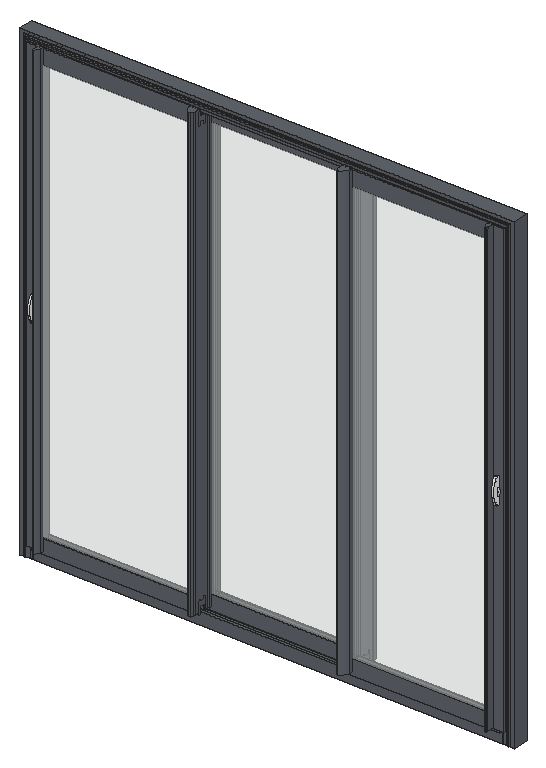
Revit family "Wicslide_65_Glass24_3_leaf_2_track_independent", category Doors, host Wall, Revit 2014
Parameters
  Youtube clip = ""
  Weight Net (Kg) = 0
  Watertightness = "E900"
  Uniclass2 = "Ss-25-30-95-28"
  Uniclass 2015 Name = ""
  Uniclass 2015 Code = ""
  Uniclass 2.0 Description = ""
  Uniclass 2.0 Code = ""
  Uniclass 1.4 Description = ""
  Uniclass 1.4 Code = ""
  URL = "http://www.wicona.com"
  UNSPSC Code = ""
  Technical description = ""
  Sash meeting 3041242 = yes
  Sash meeting 3041241 = no
  Sash meeting 3041240 = not(or(Sash meeting 3041241, Sash meeting 3041242))  # no
  Sash 1041263 = yes
  Thermal (2-leaf frame) = "Uw < 1.5 W/m².K (with Ug = 1.0)"
  Sash 1041262 = no
  Sash 1041261 = no
  Sash 1041260 = not(or(Sash 1041261, Sash 1041262, Sash 1041263))  # no
  Repeated Opening/Closing = "Class 3 (20,000 Cycles)"
  Region South America = "None"
  Region Oceania = "None"
  Region North America = "None"
  Region Middle East = "None"
  Region Europe = "AD, AL, AT, AX, BA, BE, BG, BY, CH, CS, CY, CZ, DE, DK, EE, ES, FI, FO, FR, GB, GG, GI, GR, HR, HU, IE, IM, IS, IT, JE, LI, LT, LU, LV, MC, MD, ME, MK, MT, NL, NO, PL, PT, RO, RS, RU, SE, SI, SJ, SK, SM, UA, VA, XK"
  Region Asia = "None"
  Region Antarctica = "None"
  Region Africa = "None"
  Quality Assurance = "Certified according to ISO 9001:2008"
  QR code = "http://bimobject.com/wicona/product/WICSLIDE_65_W"
  Product group = ""
  Product family = ""
  Product data url = "http://bimobject.com/wicona/product/WICSLIDE_65_W"
  Product certification = ""
  Product SKU = "WICSLIDE_65_W"
  Product Guid = "74bd8be9-202c-4542-9c4e-775a99e34c85"
  Operation = "IFC_DOORSLIDING"
  Operating Forces = "Class 1"
  OmniClass Description = ""
  OmniClass Code = ""
  Nominal width = 220000
  Nominal height = 210000
  NBS Reference Description = ""
  NBS Reference Code = ""
  Model = "Wicslide 65"
  Mechanical Strength = "Class 4"
  Maximum Sash Weight = "160kg as standard design, heavier weights can easily be customised"
  Material secondary = ""
  Material main = ""
  Manufacturer name = "Wicona"
  Manufacturer country = "Germany"
  Manufacturer = "Wicona"
  Load Bearing Capacity of Safety Devices = "Fulfilled"
  Leaf Width = (Width - Leaf 3 Width) / 2 - (Frame Width 2 / 2)  # 736.617 mm
  Leaf Material = WICONA - Aluminium - RAL7016 - Anthracite Grey - Matt
  Leaf Height All = Height - Frame Width 2 - Bottom Offset  # 2000 mm
  Leaf Connect = 6.2 mm  # constant formula
  Leaf 3 Width = (Width - Frame Width 2 * 2) / 3 - 22.4 mm  # 679.267 mm
  Leaf 2 Width = Width - Leaf 3 Width - Leaf Width - (Frame Width 2 * 2)  # 689.117 mm
  Keynote = "L10/330"
  Installation instructions = ""
  IFC Classification = ""
  Handle Material = Aluminium
  Glass Material = WICONA -  Glass
  Function = Interior
  Frame Width 3 = Frame Width - 24.5 mm  # 42.5 mm
  Frame Width 2 = if(Frame 1041226, 47.5 mm, 54.5 mm)  # 47.5 mm
  Frame Width = 67 mm
  Height = 2100 mm
  Wall Closure = By host
  Width = 2200 mm
  Frame Material = WICONA - Aluminium - RAL7016 - Anthracite Grey - Matt
  Frame Depth = 65 mm
  Frame 1041226 = yes
  Frame 1041231 = not(or(Frame 1041226))  # no
  Edition number = 1
  EN1627 Burglar Resistance = "RC1N, RC2N, RC2, RC3, SBD"
  EAN code = ""
  Door Offset = 60 mm
  Door 3 connect = Leaf Width + 57 mm  # 793.617 mm
  Design country = "Germany"
  Description = "With  its  various  designs  of  outer  and  opening  frames, multiple  leaf  combinations  (from  2  to  6  leaves)  and  its  comprehensive range of dual colour solutions, the Wicslide 65 brings greater freedom to building design. Designed  to  meet  market  demands,  Wicslide  65  sliding doors are perfectly suited for disabled access."
  Date of publishing = "3/14/2015"
  Corrosion Resistance of the Fittings = "Class 5"
  COBIe Type Category = ""
  Bottom Offset = if(Frame Bottom 1041226, 52.5 mm, 45.5 mm)  # 52.5 mm
  Frame Bottom 1041232 = no
  Frame Bottom 1041226 = yes
  Frame Bottom 1041231 = not(or(Frame Bottom 1041232, Frame Bottom 1041226))  # no
  BIMobject category = ""
  Analytic Construction = "<None>"
  Air Permeability = "Class 4"
  Acoustic = "RA,tr = 35 dB"
Reference planes
  plane 1: y = 0
  plane 2 "Center (Left/Right)": x = 0
  plane 3 "Left": x = -1100
  plane 4 "Right": x = 1100
  plane 5: z = 2100
  plane 6 "Exterior": y = 75
  plane 7 "Interior": y = -75
  plane 8 "base line": y = 15
  plane 9: y = -50
  plane 10: x = -1052.5
  plane 11: z = 2052.5
  plane 12: x = 1052.5
  plane 13: x = -306.383
  plane 14: y = 1081.9
  plane 15: x = -1047.5
  plane 16: x = 1047.5
  plane 17: y = -44
  plane 18: y = 9
  plane 19: z = 2051.035
  plane 20: x = 363.383
Forms (mm)
  Sweep 1, solid, material "WICONA - Aluminium - RAL7016 - Anthracite Grey - Matt" <- "Frame Material", visible <- "Frame 1041231"
    path origin (0, 15, 0) x (-1, 0, 0) y (0, 0, 1)
      loop
        line (1100, 0) -> (1100, 2100) -> (-1100, 2100) -> (-1100, 0)
    profile "Frame_1041231_profil : Frame_1041231_profil" origin (-1100, 15, 1050) x (1, 0, 0) y (0, 1, 0)
      loop
        line (0, 0.014) -> (0, -64.986) -> (47.501, -64.986) -> (47.501, -52.986) -> (28.03, -52.986) -> (28.03, -11.986) -> (47.501, -11.986) -> (47.501, 0.014) -> (0, 0.014)
  Sweep 2, solid, material "WICONA - Aluminium - RAL7016 - Anthracite Grey - Matt" <- "Frame Material", visible <- "Frame Bottom 1041231"
    path origin (0, 15, 0) x (-1, 0, 0) y (0, 0, 1)
      loop
        line (1047.5, 0) -> (-1047.5, 0)
    profile origin (0, 15, 0) x (0, 0, -1) y (0, 1, 0)
      loop
        line (0, 0) -> (-47.501, 0) -> (-47.501, -11.986) -> (-28.03, -11.986) -> (-28.03, -52.986) -> (-47.501, -52.986) -> (-47.501, -65) -> (0, -65) -> (0, 0)
  Sweep 3, solid, material "WICONA - Aluminium - RAL7016 - Anthracite Grey - Matt" <- "Frame Material", visible <- "Frame Bottom 1041226"
    path origin (0, 15, 0) x (-1, 0, 0) y (0, 0, 1)
      loop
        line (1047.5, 0) -> (-1047.5, 0)
    profile origin (0, 15, 0) x (0, 0, -1) y (0, 1, 0)
      loop
        line (-41.095, 0) -> (-54.504, 0) -> (-54.504, -11.986) -> (-35.067, -11.986) -> (-35.067, -52.986) -> (-54.504, -52.986) -> (-54.504, -65) -> (0, -65) -> (0, 0) -> (-16, 0) -> (-16, -5.069) -> (-17.931, -7) -> (-22.706, -7) -> (-22.706, 2) -> (-28.468, 2) -> (-41.095, 0)
  Sweep 4, solid, material "WICONA - Aluminium - RAL7016 - Anthracite Grey - Matt" <- "Frame Material", visible <- "Frame Bottom 1041232"
    path origin (0, 15, 0) x (-1, 0, 0) y (0, 0, 1)
      loop
        line (1047.5, 0) -> (-1047.5, 0)
    profile origin (0, 15, 0) x (0, 0, -1) y (0, 1, 0)
      loop
        line (0, 0) -> (-47.552, 0) -> (-47.552, -12) -> (-28.081, -12) -> (-28.081, -52.986) -> (-47.552, -52.986) -> (-47.552, -65.018) -> (-18.5, -65.018) -> (-18.5, -78.723)
        arc (-18.5, -78.723) -> (-25.362, -83.224) -> (-33.01, -86.2) r 39.233
        line (-33.01, -86.2) -> (-46.2, -86.2) -> (-46.2, -85) -> (-47.5, -85) -> (-47.5, -88) -> (-32.284, -88)
        arc (-32.284, -88) -> (-23.829, -84.402) -> (-16.3, -79.134) r 44.207
        line (-16.3, -79.134) -> (-16.3, -65) -> (0, -65) -> (0, 0)
  Sweep 5, solid, material "WICONA - Aluminium - RAL7016 - Anthracite Grey - Matt" <- "Frame Material", visible <- "Frame 1041226"
    path origin (0, 15, 0) x (-1, 0, 0) y (0, 0, 1)
      loop
        line (1100, 0) -> (1100, 2100) -> (-1100, 2100) -> (-1100, 0)
    profile origin (-1100, 15, 1050) x (1, 0, 0) y (0, 1, 0)
      loop
        line (54.5, -65) -> (54.5, -53) -> (35.067, -53) -> (35.067, -12) -> (54.5, -12) -> (54.5, 0) -> (0, 0) -> (0, -65) -> (16, -65) -> (16, -59.931) -> (17.931, -58) -> (22.706, -58) -> (22.706, -67) -> (28.468, -67) -> (41.095, -65) -> (54.5, -65)
Lines and regions (mm)
  Opening 1
    outline origin (-3050, -75, 0) x (1, 0, 0) y (0, 0, 1)
      loop
        line (1950, 0) -> (4150, 0) -> (4150, 2100) -> (1950, 2100) -> (1950, 0)
  model lines
    curve 1: line (0, -47.728, -46.926) -> (0, -47.728, -43.389)
  symbolic lines, style "Elevation Swing"
    curve 2: line (547.988, -75, 1198.851) -> (827.988, -75, 1198.851)
    curve 3: line (547.988, -75, 1198.851) -> (608.093, -75, 1258.955)
    curve 4: line (547.988, -75, 1198.851) -> (608.093, -75, 1138.747)
    curve 14: line (-547.988, -75, 1198.851) -> (-827.988, -75, 1198.851)
    curve 15: line (-547.988, -75, 1198.851) -> (-608.093, -75, 1258.955)
    curve 16: line (-547.988, -75, 1198.851) -> (-608.093, -75, 1138.747)
  symbolic lines, style "Plan Swing", detail levels coarse
    curve 5: line (-1052.5, -75, 0) -> (-1100, -75, 0)
    curve 6: line (1052.5, 75, 0) -> (1052.5, -75, 0)
    curve 7: line (-1052.5, 75, 0) -> (-1052.5, -75, 0)
    curve 8: line (-1052.5, 75, 0) -> (-1100, 75, 0)
    curve 9: line (1100, 75, 0) -> (1052.5, 75, 0)
    curve 10: line (1100, -75, 0) -> (1052.5, -75, 0)
  symbolic lines, style "Elevation Swing", not visible
    curve 11: line (213.788, -75, 1198.851) -> (493.788, -75, 1198.851)
    curve 12: line (213.788, -75, 1198.851) -> (273.892, -75, 1258.955)
    curve 13: line (213.788, -75, 1198.851) -> (273.892, -75, 1138.747)
Text (mm)
  text "Exterior" at (-2295.016, 1099.543, 0), in view "Ref. Level"
  text "Exterior" at (0, 1615.38, 3698.081), in view "Left"
  text "Exterior" at (0, 1036.032, 3874.932), in view "Right"
Dimensions and locks
  equal spacing: plane 3 "Left", plane 2 "Center (Left/Right)", plane 4 "Right"
  "Width": plane 3 "Left" to plane 4 "Right"
  "Height": plane 5 to host wall
  host wall to plane 5 = 2100 mm  (x2)
  locked: plane 6 "Exterior" to host wall at 0
  locked: plane 7 "Interior" to host wall
  "Door Offset": host wall to plane 8 "base line"
  "Frame Depth": plane 8 "base line" to plane 9
  "Frame Width 2": plane 3 "Left" to plane 10
  "Frame Width 2": plane 11 to plane 5
  "Frame Width 2": plane 12 to plane 4 "Right"
  "Bottom Offset": plane 3 "Left" to plane 15
  "Bottom Offset": plane 16 to plane 4 "Right"
  locked: plane 8 "base line" to plane 18 at 6
  locked: plane 9 to plane 17 at 6
  locked: plane 11 to plane 19 at 1.465
  "Door 3 connect": plane 3 "Left" to plane 13
  "Leaf 2 Width": plane 20 to plane 12
  aligned and locked: plane 3 "Left" to Opening 1 sketch curve
  aligned and locked: plane 5 to Opening 1 sketch curve  (x2)
  aligned and locked: Opening 1 sketch curve to plane 4 "Right"
  aligned and locked: Opening 1 sketch curve to level
  aligned and locked: plane 1 to host wall
  aligned and locked: Sweep 1 sketch curve to plane 3 "Left"
  aligned and locked: plane 5 to Sweep 1 sketch curve
  aligned and locked: plane 4 "Right" to Sweep 1 sketch curve
  aligned and locked: nested 1 to plane 8 "base line"
  aligned and locked: nested 1 to plane 3 "Left"
  aligned and locked: nested 2 to plane 4 "Right"
  aligned and locked: plane 8 "base line" to nested 2
  aligned and locked: plane 9 to nested 3
  aligned and locked: level to nested 3
  aligned and locked: nested 4 to level
  aligned and locked: nested 4 to plane 9
  aligned and locked: level to nested 5
  aligned and locked: plane 9 to nested 5
  aligned and locked: plane 16 to Sweep 3 sketch curve
  aligned and locked: plane 15 to Sweep 3 sketch curve
  aligned and locked: plane 15 to Sweep 4 sketch curve
  aligned and locked: plane 16 to Sweep 4 sketch curve
  aligned and locked: plane 15 to Sweep 2 sketch curve
  aligned and locked: plane 16 to Sweep 2 sketch curve
  aligned and locked: plane 5 to nested 6
  aligned and locked: nested 7 to plane 4 "Right"
  aligned and locked: plane 8 "base line" to nested 7
  aligned and locked: nested 8 to plane 8 "base line"
  aligned and locked: nested 8 to plane 3 "Left"
  aligned and locked: plane 5 to nested 9
  aligned and locked: plane 9 to nested 9
  aligned and locked: plane 19 to nested 10
  aligned and locked: plane 7 "Interior" to curve 7
  aligned and locked: plane 6 "Exterior" to curve 7
  aligned and locked: curve 7 to plane 10
  aligned and locked: plane 3 "Left" to curve 8
  aligned and locked: plane 10 to curve 8
  aligned and locked: curve 8 to plane 6 "Exterior"
  aligned and locked: plane 3 "Left" to curve 5
  aligned and locked: curve 5 to plane 7 "Interior"
  aligned and locked: plane 7 "Interior" to curve 6
  aligned and locked: plane 6 "Exterior" to curve 6
  aligned and locked: curve 6 to plane 12
  aligned and locked: plane 4 "Right" to curve 10
  aligned and locked: plane 12 to curve 10
  aligned and locked: curve 10 to plane 7 "Interior"
  aligned and locked: plane 4 "Right" to curve 9
  aligned and locked: curve 9 to plane 6 "Exterior"
  aligned and locked: plane 10 to nested 11
  aligned and locked: nested 11 to plane 18
  aligned and locked: nested 12 to plane 17
  aligned and locked: plane 12 to nested 12
  aligned and locked: plane 10 to nested 10
  aligned and locked: plane 17 to nested 10
  aligned and locked: nested 14 to plane 17
  aligned and locked: plane 12 to nested 14
  aligned and locked: nested 13 to plane 13
  aligned and locked: nested 13 to plane 18
  aligned and locked: nested 13 to plane 19
  aligned and locked: nested 14 to plane 19
  aligned and locked: nested 6 to plane 9
  aligned and locked: plane 13 to nested 15
  aligned and locked: plane 10 to nested 15
  aligned and locked: plane 13 to nested 16
  aligned and locked: plane 20 to nested 16
  aligned and locked: plane 20 to nested 17
  aligned and locked: plane 12 to nested 17
  aligned and locked: plane 17 to nested 15
  aligned and locked: nested 17 to plane 18
  aligned and locked: nested 16 to plane 18
Automatic sketch dimensions
  Sweep 1 sketch curve to level = 0 mm  (x2)
  Sweep 3 sketch curve to level = 0 mm
  plane 9 to curve 1 = 2.272 mm
  curve 1 to level = 46.926 mm
  curve 1 to curve 1 = 3.537 mm
  Sweep 2 sketch curve to level = 0 mm
  Sweep 4 sketch curve to level = 0 mm
  plane 4 "Right" to Sweep 5 sketch curve = 0 mm
  plane 3 "Left" to Sweep 5 sketch curve = 0 mm
  Sweep 5 sketch curve to level = 0 mm  (x2)
  Sweep 5 sketch curve to plane 5 = 0 mm
  Sweep 3 sketch curve to plane 8 "base line" = 0 mm  (x2)
  Sweep 3 sketch curve to profile plane = 0 mm
  Sweep 3 sketch curve to plane 8 "base line" = 5.069 mm
  profile plane to Sweep 3 sketch curve = 16 mm
  Sweep 3 sketch curve to plane 8 "base line" = 7 mm
  Sweep 3 sketch curve to Sweep 3 sketch curve = 1.931 mm
  plane 8 "base line" to Sweep 3 sketch curve = 2 mm
  Sweep 3 sketch curve to Sweep 3 sketch curve = 6.706 mm
  Sweep 3 sketch curve to Sweep 3 sketch curve = 5.762 mm
  Sweep 3 sketch curve to Sweep 3 sketch curve = 12.361 mm
  Sweep 3 sketch curve to Sweep 3 sketch curve = 12.628 mm
  Sweep 3 sketch curve to Sweep 3 sketch curve = 19.437 mm
  Sweep 3 sketch curve to Sweep 3 sketch curve = 13.408 mm
  Sweep 3 sketch curve to plane 8 "base line" = 11.986 mm
  Sweep 3 sketch curve to Sweep 3 sketch curve = 41 mm
  Sweep 3 sketch curve to Sweep 3 sketch curve = 12.014 mm
  Sweep 2 sketch curve to plane 8 "base line" = 0 mm
  profile plane to Sweep 2 sketch curve = 47.501 mm
  Sweep 2 sketch curve to Sweep 2 sketch curve = 0 mm
  Sweep 2 sketch curve to Sweep 2 sketch curve = 19.471 mm
  Sweep 2 sketch curve to profile plane = 0 mm
  Sweep 2 sketch curve to plane 8 "base line" = 11.986 mm
  Sweep 2 sketch curve to Sweep 2 sketch curve = 41 mm
  Sweep 2 sketch curve to Sweep 2 sketch curve = 12.014 mm
  Sweep 5 sketch curve to plane 8 "base line" = 0 mm
  Sweep 5 sketch curve to profile plane = 0 mm
  Sweep 5 sketch curve to profile plane = 16 mm
  Sweep 5 sketch curve to Sweep 5 sketch curve = 1.931 mm  (x2)
  Sweep 5 sketch curve to Sweep 5 sketch curve = 6.706 mm
  Sweep 5 sketch curve to Sweep 5 sketch curve = 5.762 mm
  Sweep 5 sketch curve to plane 8 "base line" = 12 mm
  Sweep 5 sketch curve to profile plane = 35.067 mm
  Sweep 5 sketch curve to Sweep 5 sketch curve = 19.433 mm  (x2)
  Sweep 5 sketch curve to Sweep 5 sketch curve = 41 mm
  Sweep 5 sketch curve to Sweep 5 sketch curve = 5 mm
  Sweep 5 sketch curve to Sweep 5 sketch curve = 5.069 mm
  Sweep 5 sketch curve to Sweep 5 sketch curve = 2 mm
  Sweep 5 sketch curve to Sweep 5 sketch curve = 12.628 mm
  Sweep 5 sketch curve to Sweep 5 sketch curve = 12 mm
  Sweep 4 sketch curve to plane 8 "base line" = 0 mm
  Sweep 4 sketch curve to profile plane = 0 mm
  profile plane to Sweep 4 sketch curve = 16.3 mm
  Sweep 4 sketch curve to Sweep 4 sketch curve = 2.2 mm
  Sweep 4 sketch curve to plane 8 "base line" = 12 mm
  Sweep 4 sketch curve to Sweep 4 sketch curve = 13.784 mm
  Sweep 4 sketch curve to Sweep 4 sketch curve = 15.252 mm
  Sweep 4 sketch curve to Sweep 4 sketch curve = 1.939 mm
  Sweep 4 sketch curve to Sweep 4 sketch curve = 13.916 mm
  Sweep 4 sketch curve to Sweep 4 sketch curve = 1.3 mm
  Sweep 4 sketch curve to Sweep 4 sketch curve = 4.219 mm
  Sweep 4 sketch curve to Sweep 4 sketch curve = 19.471 mm
  Sweep 4 sketch curve to Sweep 4 sketch curve = 33.744 mm
  Sweep 4 sketch curve to Sweep 4 sketch curve = 2.605 mm
  Sweep 4 sketch curve to Sweep 4 sketch curve = 4.637 mm
  Sweep 4 sketch curve to Sweep 4 sketch curve = 12.014 mm
  Sweep 4 sketch curve to Sweep 4 sketch curve = 12.032 mm
  Sweep 4 sketch curve to Sweep 4 sketch curve = 14.134 mm
  Sweep 4 sketch curve to Sweep 4 sketch curve = 3 mm
  Sweep 4 sketch curve to Sweep 4 sketch curve = 1.2 mm
  Sweep 4 sketch curve to Sweep 4 sketch curve = 0.726 mm
  Sweep 4 sketch curve to Sweep 4 sketch curve = 0.411 mm
Nested families
  nested 1: "Frame_1041231" at (-1100, 15, 0), visible <- "Frame 1041231", type "Frame_1041231"
  nested 2: "Frame_1041231" at (1100, 15, 0) x (-1, 0, 0) z (0, 0, 1), visible <- "Frame 1041231", type "Frame_1041231"
  nested 3: "Frame_1041226" at (0, -50, 0) x (0, 0, 1) z (1, 0, 0), type "Frame_1041226"
  nested 4: "Frame_Bottom_1041232" at (0, 15, 0) x (0, 0, 1) z (1, 0, 0), visible <- "Frame Bottom 1041232", built-in parameter 1006206 <- "Frame Bottom 1041232", type "Frame_Bottom_1041232"
  nested 5: "Frame_1041231" at (0, -50, 0) x (0, 0, 1) z (1, 0, 0), visible <- "Frame Bottom 1041231", type "Frame_1041231"
  nested 6: "Frame_1041231" at (0, 15, 2100) x (0, 0, -1) z (1, 0, 0), type "Frame_1041231"
  nested 7: "Frame_1041226" at (1100, 15, 0) x (-1, 0, 0) z (0, 0, 1), visible <- "Frame 1041226", type "Frame_1041226"
  nested 8: "Frame_1041226" at (-1100, 15, 0), visible <- "Frame 1041226", type "Frame_1041226"
  nested 9: "Frame_1041226" at (0, 15, 2100) x (0, 0, -1) z (1, 0, 0), visible <- "Frame 1041226", type "Frame_1041226"
  nested 10: "Leaf_Wicslide_65_2_leaf_2_track_both_sliding_or_1_fixed_1slide" at (-1050.984, -44, 51.035), type "Leaf_Wicslide_65_2_leaf_2_track_both_sliding_or_1_fixed_1slide"
    with Sash 1041263 yes, Sash 1041261 no, Handle Distance 18 mm, Leaf Width 736.617 mm, Leaf Height 2000 mm
  nested 11: "Seal" at (-1052.5, 9, 0), type "Seal"
  nested 12: "Seal" at (1052.5, -44, 0) x (-1, 0, 0) z (0, 0, 1), type "Seal"
  nested 13: "Leaf_Wicslide_65_Wicslide_65_3_leaf_2_track_independent_2_meet" at (-306.383, 9, 51.035), type "Leaf_Wicslide_65_Wicslide_65_3_leaf_2_track_independent_2_meet"
    with Sash 1041263 yes, Sash 1041261 no, Handle Distance 18 mm, Leaf Width 679.267 mm, Leaf Height 2000 mm
  nested 14: "Leaf_Wicslide_65_2_leaf_2_track_both_sliding_or_1_fixed_1slide_duble" at (1052.5, -44, 51.035) x (-1, 0, 0) z (0, 0, 1), type "Leaf_Wicslide_65_2_leaf_2_track_both_sliding_or_1_fixed_1slide_duble"
    with Sash 1041263 yes, Sash 1041261 no, Handle Distance 18 mm, Leaf Width 689.117 mm, Leaf Height 2000 mm
  nested 15: "sliding door_coarse" at (-1052.5, -44, 0), type "52"
    with built-in parameter 1001306 2.4479 (stored number, unit not read)
  nested 16: "sliding door_coarse" at (-306.383, 9, 0), type "52"
    with built-in parameter 1001306 2.1974 (stored number, unit not read)
  nested 17: "sliding door_coarse" at (363.383, 9, 0), type "52"
    with built-in parameter 1001306 2.2609 (stored number, unit not read)
Definition of nested family "Leaf_Wicslide_65_2_leaf_2_track_both_sliding_or_1_fixed_1slide"
  Parameters (values of type "Leaf_Wicslide_65_2_leaf_2_track_both_sliding_or_1_fixed_1slide")
    Sash meeting 3041242 = yes
    Sash meeting 3041240 = no
    Sash meeting 3041241 = no
    Sash 1041263 = no
    Sash 1041260 = no
    Sash 1041261 = yes
    Sash 1041262 = no
    Profil Bottom = 4 mm
    Handle Distance = if(Sash 1041260, 18 mm, if(Sash 1041261, 41 mm, if(Sash 1041262, 38 mm, 18 mm)))  # 41 mm
    Leaf Width = 896 mm
    Leaf Material = Aluminium
    Leaf Height = 1922 mm
    Handle Material = Aluminium
    Handle Height = 850 mm  # constant formula
    Glass Width = 24 mm
    Glass Offset 2 = 7 mm  # constant formula
    Glass Offset = 46.1 mm  # constant formula
    Glass Material = WICONA -  Glass
    Glas Offset Bottom = 46.6 mm
    Frame Material = Aluminium
  Reference planes
    plane 1 "Center (Front/Back)": y = 0
    plane 2: z = 0
    plane 3 "Center (Left/Right)": x = 0
    plane 4: x = 896
    plane 5: z = 1922
    plane 6: x = 46.1
    plane 7: x = 889
    plane 8: z = 1875.4
    plane 9: z = 46.6
    plane 10: z = 896.6
    plane 11: x = 58.1
    plane 12: y = -12.117
    plane 13: y = 11.883
    plane 14: y = 7.334
    plane 15: y = 31.334
    plane 16: x = -3.312
    plane 17: x = 899.312
    plane 18: z = 46.6
    plane 19: y = -41
    plane 20: x = 20
    plane 21: z = 960.237
    plane 22: z = 1923.516
    plane 23: x = -1.516
    plane 24: y = -21.816
    plane 25: z = -5.306
    plane 26: z = 25
    plane 27: x = 914.975
    plane 28: z = 1932.5
    plane 29: z = 1902.5
    plane 30: z = 4
  Forms (mm)
    Sweep 1, solid, material "Aluminium" <- "Leaf Material", visible <- "Sash 1041260"
      path origin (-1.381, 0, 34.551) x (1, 0, 0) y (0, 0, 1)
        loop
          line (0, -30.551) -> (0, 1897.949)
      profile origin (-1.381, 0, 968.25) x (-1, 0, 0) y (0, -1, 0)
        loop
          line (-59.481, -18) -> (8.519, -18) -> (8.519, -12.517) -> (-13.431, -12.517) -> (-13.431, 12.671) -> (8.519, 12.671) -> (8.519, 18) -> (-59.395, 18) -> (-59.395, 12.117) -> (-47.481, 12.117) -> (-47.481, -11.883) -> (-59.481, -11.883) -> (-59.481, -18)
    Extrusion 2, solid, material "WICONA -  Glass" <- "Glass Material", detail levels medium+fine
      sketch origin (-214.248, -550.766, -473.088) x (1, 0, 0) y (0, 0, 1)
        loop
          line (260.348, 2348.488) -> (260.348, 519.688) -> (1103.248, 519.688) -> (1103.248, 2348.488) -> (260.348, 2348.488)
      from -562.649 to -538.649
    Sweep 3, solid, material "Aluminium" <- "Leaf Material"
      path origin (0, 0, 0) x (1, 0, 0) y (0, 0, 1)
        loop
          line (12.05, 0) -> (914.975, 0)
      profile origin (463.512, 0, 0) x (0, 0, 1) y (0, -1, 0)
        loop
          line (-5.306, -16.029) -> (58.694, -16.029) -> (58.694, -11.883) -> (46.634, -11.883) -> (46.634, 12.117) -> (58.694, 12.117) -> (58.694, 16.171) -> (-5.306, 16.171) -> (-5.306, 12.671) -> (25, 12.671) -> (25, -12.517) -> (-5.306, -12.517) -> (-5.306, -16.029)
    Sweep 4, solid, material "Aluminium" <- "Leaf Material", visible <- "Sash meeting 3041240"
      path origin (0, 0, 0) x (1, 0, 0) y (0, 0, 1)
        loop
          line (896, 1932.5) -> (896, 4)
      profile origin (896, 0, 968.25) x (0, -1, 0) y (1, 0, 0)
        loop
          line (-18, -19.026) -> (-11.883, -19.026) -> (-11.883, -7.023) -> (12.117, -7.023) -> (12.117, -19.026) -> (18, -19.026) -> (18, 18.975) -> (-27.453, 18.975) -> (-27.453, 0) -> (-18, 0) -> (-18, -19.026)
    Sweep 5, solid, material "Aluminium" <- "Leaf Material", visible <- "Sash 1041263"
      path origin (0, 0, 0) x (1, 0, 0) y (0, 0, 1)
        loop
          line (0, 4) -> (0, 1932.5)
      profile origin (0, 0, 968.25) x (-1, 0, 0) y (0, -1, 0)
        loop
          line (9.9, -18) -> (9.9, -12.517) -> (-12.05, -12.517) -> (-12.05, 12.671) -> (9.9, 12.671) -> (9.9, 18) -> (-41.1, 18) -> (-41.1, 43) -> (-42.787, 50.915) -> (-43.872, 52) -> (-47.182, 52)
          arc (-47.182, 52) -> (-54.565, 40.341) -> (-58.1, 27) r 45.352
          line (-58.1, 27) -> (-58.1, -18) -> (9.9, -18)
    Sweep 6, solid, material "Aluminium" <- "Leaf Material", visible <- "Sash 1041262"
      path origin (0, 0, 0) x (1, 0, 0) y (0, 0, 1)
        loop
          line (0, 4) -> (0, 1932.5)
      profile origin (0, 0, 968.25) x (-1, 0, 0) y (0, -1, 0)
        loop
          line (-58.1, -18) -> (9.9, -18) -> (9.9, -12.517) -> (-12.05, -12.517) -> (-12.05, 12.671) -> (9.9, 12.671) -> (9.9, 18) -> (-6.1, 18) -> (-6.1, 38) -> (-58.1, 38) -> (-58.1, 12.117) -> (-46.1, 12.117) -> (-46.1, -11.883) -> (-58.1, -11.883) -> (-58.1, -18)
    Sweep 7, solid, material "Aluminium" <- "Leaf Material", visible <- "Sash 1041261"
      path origin (0, 0, 0) x (1, 0, 0) y (0, 0, 1)
        loop
          line (0, 4) -> (0, 1932.5)
      profile origin (0, 0, 968.25) x (-1, 0, 0) y (0, -1, 0)
        loop
          line (9.9, -18) -> (9.9, -12.517) -> (-12.05, -12.517) -> (-12.05, 12.671) -> (9.9, 12.671) -> (9.9, 41) -> (-58.1, 41) -> (-58.1, 12.117) -> (-46.136, 12.117) -> (-46.136, -11.883) -> (-58.1, -11.883) -> (-58.1, -18) -> (9.9, -18)
    Sweep 8, solid, material "Aluminium" <- "Leaf Material", visible <- "Sash meeting 3041242"
      path origin (0, 0, 0) x (1, 0, 0) y (0, 0, 1)
        loop
          line (896, 4) -> (896, 1932.5)
      profile origin (896, 0, 968.25) x (-1, 0, 0) y (0, -1, 0)
        loop
          line (19.026, -18) -> (19.026, -11.883) -> (7, -11.883) -> (7, 12.117) -> (19.026, 12.117) -> (19.026, 26.74)
          arc (19.026, 26.74) -> (9.037, 45.04) -> (-7.45, 57.8) r 50.906
          line (-7.45, 57.8) -> (-13.135, 57.8) -> (-14.994, 56.798) -> (-17.979, 45.657) -> (-18.975, 37.547) -> (-18.975, -27.453) -> (0, -27.453) -> (0, -18) -> (19.026, -18)
    Sweep 9, solid, material "Aluminium" <- "Leaf Material", visible <- "Sash meeting 3041241"
      path origin (0, 0, 0) x (1, 0, 0) y (0, 0, 1)
        loop
          line (896, 4) -> (896, 1932.5)
      profile origin (896, 0, 968.25) x (-1, 0, 0) y (0, -1, 0)
        loop
          line (0, -18) -> (19.026, -18) -> (19.026, -11.883) -> (7.023, -11.883) -> (7.023, 12.117) -> (19.026, 12.117) -> (19.026, 52.8) -> (-18.975, 52.8) -> (-18.975, -27.453) -> (0, -27.453) -> (0, -18)
    Sweep 10, solid, material "Aluminium" <- "Leaf Material"
      path origin (0, 0, 0) x (1, 0, 0) y (0, 0, 1)
        loop
          line (12.05, 1922) -> (914.975, 1922)
      profile origin (463.512, 0, 1922) x (0, 0, 1) y (0, -1, 0)
        loop
          line (10.5, 16.029) -> (-57.541, 16.029) -> (-57.541, 12.037) -> (-41.44, 12.037) -> (-41.44, -11.963) -> (-57.541, -11.963) -> (-57.541, -16.171) -> (10.5, -16.171) -> (10.5, -12.671) -> (-19.5, -12.671) -> (-19.5, 12.529) -> (10.5, 12.529) -> (10.5, 16.029)
    Extrusion 11, void
      sketch origin (0, 0, 0) x (1, 0, 0) y (0, 1, 0)
        loop
          line (889, 11.883) -> (889, -12.117) -> (925.276, -12.117) -> (925.276, 11.883) -> (889, 11.883)
      from -5.306 to 25
    Extrusion 12, void
      sketch origin (2, 0, 1844.745) x (1, 0, 0) y (0, 1, 0)
        loop
          line (887, 11.883) -> (887, -12.117) -> (925.276, -12.117) -> (925.276, 11.883) -> (887, 11.883)
      from 57.755 to 87.755
  Cuts and joins
    Extrusion 11 cuts Extrusion 2
    Extrusion 11, Extrusion 12 cuts Sweep 3
    Extrusion 11, Extrusion 12 cuts Sweep 4
    Extrusion 11, Extrusion 12 cuts Sweep 8
    Extrusion 11, Extrusion 12 cuts Sweep 9
  Lines and regions (mm)
    symbolic lines, style "GenericModel", detail levels medium+fine
      curve 1: line (62.7, 0, 0) -> (874, 0, 0)
      curve 2: line (0, 11.883, 1875.4) -> (0, 11.883, 46.6)
      curve 3: line (0, -12.117, 1875.4) -> (0, -12.117, 46.6)
      curve 4: line (0, 0, 1875.4) -> (0, 0, 46.6)
      curve 5: line (46.1, 0, 0) -> (889, 0, 0)
  Dimensions and locks
    "Leaf Width": plane 3 "Center (Left/Right)" to plane 4
    "Leaf Height": plane 5 to level
    "Glass Offset": plane 3 "Center (Left/Right)" to plane 6
    "Glass Offset 2": plane 7 to plane 4
    "Glas Offset Bottom": plane 5 to plane 8
    level to plane 10 = 896.6 mm
    "Glass Width": plane 15 to plane 14
    "Handle Height": plane 10 to plane 9
    "Glas Offset Bottom": plane 9 to level
    locked: plane 3 "Center (Left/Right)" to plane 16 at 3.312
    locked: plane 17 to plane 4 at 3.312
    locked: plane 3 "Center (Left/Right)" to plane 20 at 20
    "Handle Distance": plane 19 to plane 1 "Center (Front/Back)"
    plane 21 to level = 960.237 mm
    plane 24 to plane 1 "Center (Front/Back)" = 21.816 mm
    plane 26 to level to plane 25 = 25 mm locked, 5.306 mm locked
    locked: plane 4 to plane 27 at 18.975
    plane 28 to plane 5 to plane 29 = 10.5 mm locked, 19.5 mm locked
    "Profil Bottom": plane 30 to level
    aligned and locked: level to plane 2
    aligned and locked: plane 6 to nested 1
    aligned and locked: plane 7 to nested 1
    aligned and locked: plane 12 to nested 1
    aligned and locked: nested 2 to plane 8
    aligned and locked: nested 2 to plane 9
    aligned and locked: plane 12 to nested 2
    aligned and locked: plane 6 to curve 5
    aligned and locked: plane 7 to curve 5
    aligned and locked: plane 9 to plane 18
    aligned and locked: plane 4 to nested 4
    aligned and locked: nested 4 to plane 1 "Center (Front/Back)"
    aligned and locked: nested 3 to plane 3 "Center (Left/Right)"
    aligned and locked: nested 3 to plane 1 "Center (Front/Back)"
    aligned and locked: nested 5 to level
    aligned and locked: nested 5 to plane 1 "Center (Front/Back)"
    aligned and locked: nested 6 to plane 1 "Center (Front/Back)"
    aligned and locked: nested 6 to plane 3 "Center (Left/Right)"
    aligned and locked: nested 7 to plane 1 "Center (Front/Back)"
    aligned and locked: nested 7 to plane 3 "Center (Left/Right)"
    aligned and locked: nested 8 to plane 1 "Center (Front/Back)"
    aligned and locked: nested 8 to plane 3 "Center (Left/Right)"
    aligned and locked: plane 4 to nested 9
    aligned and locked: plane 4 to nested 10
    aligned and locked: nested 9 to plane 1 "Center (Front/Back)"
    aligned and locked: nested 10 to plane 1 "Center (Front/Back)"
    aligned and locked: Extrusion 2 to plane 6
    aligned and locked: plane 7 to Extrusion 2
    aligned and locked: plane 8 to Extrusion 2
    aligned and locked: Extrusion 2 to plane 9
    aligned and locked: Extrusion 2 to plane 13
    aligned and locked: plane 12 to Extrusion 2
    aligned and locked: Sweep 4 to Sweep 3 sketch curve
    aligned and locked: nested 11 to plane 1 "Center (Front/Back)"
    aligned and locked: nested 8 to nested 11
    aligned and locked: plane 19 to nested 12
    aligned and locked: nested 12 to plane 20
    aligned and locked: plane 21 to nested 12
    aligned and locked: plane 5 to nested 13
    aligned and locked: plane 1 "Center (Front/Back)" to nested 13
    aligned and locked: Sweep 10 to Sweep 4 sketch curve
    aligned and locked: Sweep 10 to Sweep 9 sketch curve
    aligned and locked: Sweep 10 to Sweep 8 sketch curve
    aligned and locked: Sweep 10 to Sweep 7 sketch curve
    aligned and locked: Sweep 10 to Sweep 6 sketch curve
    aligned and locked: Sweep 10 to Sweep 5 sketch curve
    aligned and locked: Sweep 10 to Sweep 1 sketch curve
    aligned and locked: Sweep 7 to Sweep 3 sketch curve
    aligned and locked: nested 14 to plane 19
    aligned and locked: nested 14 to plane 20
    aligned and locked: plane 26 to cut or joined group of Sweep 9, Extrusion 11, Extrusion 12
    aligned and locked: cut or joined group of Sweep 9, Extrusion 11, Extrusion 12 to plane 25
    aligned and locked: cut or joined group of Sweep 9, Extrusion 11, Extrusion 12 to plane 7  (x2)
    aligned and locked: plane 28 to cut or joined group of Sweep 9, Extrusion 11, Extrusion 12
    aligned and locked: cut or joined group of Sweep 9, Extrusion 11, Extrusion 12 to plane 29
    aligned and locked: plane 30 to Sweep 9 sketch curve
    aligned and locked: plane 30 to Sweep 4 sketch curve
    aligned and locked: plane 30 to Sweep 7 sketch curve
    aligned and locked: plane 30 to Sweep 6 sketch curve
    aligned and locked: plane 30 to Sweep 5 sketch curve
    aligned and locked: plane 30 to Sweep 1 sketch curve
    aligned and locked: plane 30 to Sweep 8 sketch curve
  Automatic sketch dimensions
    curve 3 to plane 8 = 0 mm
    curve 3 to plane 12 = 0 mm
    curve 4 to plane 1 "Center (Front/Back)" = 0 mm
    curve 2 to plane 9 = 0 mm
    curve 2 to plane 13 = 0 mm
    curve 3 to plane 9 = 0 mm
    curve 4 to plane 9 = 0 mm
    curve 4 to plane 8 = 0 mm
    curve 2 to plane 8 = 0 mm
    plane 1 "Center (Front/Back)" to curve 1 = 0 mm
    plane 1 "Center (Front/Back)" to curve 5 = 0 mm
    curve 1 to plane 11 = 4.6 mm
    curve 1 to plane 7 = 15 mm
    Sweep 1 sketch curve to profile plane = 18 mm
    profile plane to Sweep 1 sketch curve = 59.481 mm
    Sweep 1 sketch curve to Sweep 1 sketch curve = 0.086 mm
    Sweep 1 sketch curve to Sweep 1 sketch curve = 11.914 mm
    profile plane to Sweep 1 sketch curve = 13.431 mm
    Sweep 1 sketch curve to profile plane = 8.519 mm  (x2)
    Sweep 1 sketch curve to Sweep 1 sketch curve = 5.483 mm
    Sweep 1 sketch curve to profile plane = 11.883 mm
    profile plane to Sweep 1 sketch curve = 12.117 mm
    profile plane to Sweep 1 sketch curve = 12.671 mm
    Sweep 1 sketch curve to Sweep 1 sketch curve = 5.329 mm
    Extrusion 2 sketch curve to plane 6 = 0 mm
    Extrusion 2 sketch curve to plane 7 = 0 mm
    Extrusion 2 sketch curve to plane 9 = 0 mm
    Extrusion 2 sketch curve to plane 8 = 0 mm
    Sweep 3 sketch curve to level = 0 mm
    profile plane to Sweep 3 sketch curve = 5.306 mm  (x2)
    Sweep 3 sketch curve to plane 18 = 21.6 mm
    plane 18 to Sweep 3 sketch curve = 0.034 mm
    plane 18 to Sweep 3 sketch curve = 12.094 mm
    Sweep 3 sketch curve to Sweep 3 sketch curve = 12.06 mm
    Sweep 3 sketch curve to plane 1 "Center (Front/Back)" = 16.029 mm
    Sweep 3 sketch curve to Sweep 3 sketch curve = 3.512 mm
    Sweep 3 sketch curve to plane 1 "Center (Front/Back)" = 11.883 mm
    plane 1 "Center (Front/Back)" to Sweep 3 sketch curve = 12.117 mm
    plane 1 "Center (Front/Back)" to Sweep 3 sketch curve = 12.671 mm
    Sweep 3 sketch curve to Sweep 3 sketch curve = 4.054 mm
    Sweep 4 sketch curve to profile plane = 0 mm
    Sweep 4 sketch curve to plane 1 "Center (Front/Back)" = 27.453 mm
    Sweep 4 sketch curve to plane 1 "Center (Front/Back)" = 18 mm
    Sweep 4 sketch curve to Sweep 4 sketch curve = 6.117 mm
    plane 1 "Center (Front/Back)" to Sweep 4 sketch curve = 12.117 mm
    Sweep 4 sketch curve to Sweep 4 sketch curve = 5.883 mm
    profile plane to Sweep 4 sketch curve = 7.023 mm
    Sweep 4 sketch curve to Sweep 4 sketch curve = 12.003 mm  (x2)
    Sweep 4 sketch curve to profile plane = 18.975 mm
    Sweep 5 sketch curve to plane 3 "Center (Left/Right)" = 0 mm
    Sweep 5 sketch curve to plane 1 "Center (Front/Back)" = 18 mm
    profile plane to Sweep 5 sketch curve = 58.1 mm
    Sweep 5 sketch curve to Sweep 5 sketch curve = 10.918 mm
    Sweep 5 sketch curve to Sweep 5 sketch curve = 3.31 mm
    Sweep 5 sketch curve to Sweep 5 sketch curve = 1.085 mm  (x2)
    Sweep 5 sketch curve to Sweep 5 sketch curve = 1.687 mm
    profile plane to Sweep 5 sketch curve = 13.004 mm
    Sweep 5 sketch curve to Sweep 5 sketch curve = 0.954 mm
    Sweep 5 sketch curve to profile plane = 9.9 mm  (x2)
    Sweep 5 sketch curve to plane 1 "Center (Front/Back)" = 12.517 mm
    plane 1 "Center (Front/Back)" to Sweep 5 sketch curve = 12.671 mm
    Sweep 5 sketch curve to Sweep 5 sketch curve = 5.329 mm
    Sweep 5 sketch curve to Sweep 5 sketch curve = 9.518 mm
    Sweep 5 sketch curve to Sweep 5 sketch curve = 9 mm  (x2)
    Sweep 6 sketch curve to plane 3 "Center (Left/Right)" = 0 mm
    Sweep 6 sketch curve to plane 1 "Center (Front/Back)" = 18 mm
    profile plane to Sweep 6 sketch curve = 58.1 mm
    Sweep 6 sketch curve to Sweep 6 sketch curve = 0 mm
    Sweep 6 sketch curve to Sweep 6 sketch curve = 12 mm
    profile plane to Sweep 6 sketch curve = 12.05 mm
    profile plane to Sweep 6 sketch curve = 6.1 mm
    Sweep 6 sketch curve to profile plane = 9.9 mm  (x2)
    Sweep 6 sketch curve to Sweep 6 sketch curve = 5.483 mm
    Sweep 6 sketch curve to Sweep 6 sketch curve = 6.117 mm
    plane 1 "Center (Front/Back)" to Sweep 6 sketch curve = 12.117 mm
    plane 1 "Center (Front/Back)" to Sweep 6 sketch curve = 12.671 mm
    Sweep 6 sketch curve to Sweep 6 sketch curve = 5.329 mm
    Sweep 6 sketch curve to Sweep 6 sketch curve = 20 mm
    Sweep 7 sketch curve to plane 3 "Center (Left/Right)" = 0 mm
    profile plane to Sweep 7 sketch curve = 58.1 mm
    Sweep 7 sketch curve to Sweep 7 sketch curve = 0 mm
    Sweep 7 sketch curve to Sweep 7 sketch curve = 11.964 mm
    profile plane to Sweep 7 sketch curve = 12.05 mm
    Sweep 7 sketch curve to profile plane = 9.9 mm  (x2)
    Sweep 7 sketch curve to plane 1 "Center (Front/Back)" = 18 mm
    Sweep 7 sketch curve to Sweep 7 sketch curve = 5.483 mm
    Sweep 7 sketch curve to plane 1 "Center (Front/Back)" = 11.883 mm
    plane 1 "Center (Front/Back)" to Sweep 7 sketch curve = 12.117 mm
    plane 1 "Center (Front/Back)" to Sweep 7 sketch curve = 12.671 mm
    Sweep 7 sketch curve to Sweep 7 sketch curve = 28.329 mm
    Sweep 8 sketch curve to profile plane = 0 mm
    profile plane to Sweep 8 sketch curve = 7.45 mm
    Sweep 8 sketch curve to Sweep 8 sketch curve = 5.685 mm
    Sweep 8 sketch curve to Sweep 8 sketch curve = 1.859 mm
    Sweep 8 sketch curve to Sweep 8 sketch curve = 2.985 mm
    Sweep 8 sketch curve to Sweep 8 sketch curve = 0.996 mm
    plane 1 "Center (Front/Back)" to Sweep 8 sketch curve = 12.015 mm
    Sweep 8 sketch curve to Sweep 8 sketch curve = 10.729 mm
    Sweep 8 sketch curve to profile plane = 7 mm
    Sweep 8 sketch curve to Sweep 8 sketch curve = 12.026 mm  (x2)
    Sweep 8 sketch curve to plane 1 "Center (Front/Back)" = 11.883 mm
    Sweep 8 sketch curve to Sweep 8 sketch curve = 6.117 mm
    Sweep 8 sketch curve to Sweep 8 sketch curve = 9.453 mm
    plane 1 "Center (Front/Back)" to Sweep 8 sketch curve = 12.117 mm
    Sweep 8 sketch curve to Sweep 8 sketch curve = 14.623 mm
    Sweep 8 sketch curve to Sweep 8 sketch curve = 20.253 mm
    Sweep 8 sketch curve to Sweep 8 sketch curve = 8.11 mm
    Sweep 8 sketch curve to Sweep 8 sketch curve = 1.002 mm
    Sweep 9 sketch curve to profile plane = 0 mm
    profile plane to Sweep 9 sketch curve = 18.975 mm
    Sweep 9 sketch curve to profile plane = 7.023 mm
    Sweep 9 sketch curve to profile plane = 19.026 mm
    Sweep 9 sketch curve to Sweep 9 sketch curve = 12.003 mm
    Sweep 9 sketch curve to plane 1 "Center (Front/Back)" = 27.453 mm
    Sweep 9 sketch curve to Sweep 9 sketch curve = 9.453 mm
    Sweep 9 sketch curve to Sweep 9 sketch curve = 6.117 mm
    plane 1 "Center (Front/Back)" to Sweep 9 sketch curve = 12.117 mm
    Sweep 9 sketch curve to Sweep 9 sketch curve = 40.683 mm
    Sweep 10 sketch curve to plane 5 = 0 mm
    Sweep 10 sketch curve to plane 27 = 0 mm
    plane 20 to Sweep 10 sketch curve = 7.95 mm
    Sweep 10 sketch curve to plane 1 "Center (Front/Back)" = 16.171 mm
    profile plane to Sweep 10 sketch curve = 57.541 mm
    Sweep 10 sketch curve to Sweep 10 sketch curve = 0 mm
    Sweep 10 sketch curve to Sweep 10 sketch curve = 16.102 mm
    profile plane to Sweep 10 sketch curve = 19.5 mm
    Sweep 10 sketch curve to profile plane = 10.5 mm  (x2)
    Sweep 10 sketch curve to plane 1 "Center (Front/Back)" = 12.671 mm
    Sweep 10 sketch curve to Sweep 10 sketch curve = 4.208 mm
    plane 1 "Center (Front/Back)" to Sweep 10 sketch curve = 12.037 mm
    plane 1 "Center (Front/Back)" to Sweep 10 sketch curve = 12.529 mm
    Sweep 10 sketch curve to Sweep 10 sketch curve = 3.5 mm
    Extrusion 11 sketch curve to plane 7 = 0 mm
    plane 12 to Extrusion 11 sketch curve = 0 mm
    plane 13 to Extrusion 11 sketch curve = 0 mm
    plane 27 to Extrusion 11 sketch curve = 10.301 mm
    plane 7 to Extrusion 12 sketch curve = 0 mm
    plane 12 to Extrusion 12 sketch curve = 0 mm
    plane 13 to Extrusion 12 sketch curve = 0 mm
    plane 27 to Extrusion 12 sketch curve = 12.301 mm
    Sweep 8 sketch curve to plane 4 = 0 mm
    Sweep 4 sketch curve to plane 4 = 0 mm
    Sweep 9 sketch curve to plane 4 = 0 mm
    plane 23 to Sweep 1 sketch curve = 0.135 mm
  Nested families
    nested 1: "window_2_pieces_glass_line" at (46.1, -12.117, 0), type "T24"
      with built-in parameter 1001306 2.7654 (stored number, unit not read)
    nested 2: "window_2_pieces_glass_line" at (0, -12.117, 1875.4) x (0, 0, -1) z (1, 0, 0), type "T24"
      with built-in parameter 1001306 6 (stored number, unit not read)
    nested 3: "Sash Verticals_1041260" at (-9.9, 18, 0), visible <- "Sash 1041260", type "Sash Verticals_1041260"
    nested 4: "Sash meeting 3041240" at (896, 18, 0), visible <- "Sash meeting 3041240", type "Sash meeting 3041240"
    nested 5: "Sash_horizontal_1041264" at (0, 0, 0) x (0, 1, 0) z (1, 0, 0), type "Sash_horizontal_1041264"
    nested 6: "Sash Verticals_1041261" at (-9.9, 18, 0), visible <- "Sash 1041261", type "Sash Verticals_1041261"
    nested 7: "Sash Verticals_1041262" at (-9.9, 18, 0), visible <- "Sash 1041262", type "Sash Verticals_1041262"
    nested 8: "Sash Verticals_1041263" at (-9.9, 18, 0), visible <- "Sash 1041263", type "Sash Verticals_1041263"
    nested 9: "Sash meeting_3041241" at (896, 18, 0), visible <- "Sash meeting 3041241", type "Sash meeting_3041241"
    nested 10: "Sash meeting_3041242" at (896, 18, 0), visible <- "Sash meeting 3041242", type "Sash meeting_3041242"
    nested 11: "Sash_lock" at (-9.884, 18, 0), type "Sash_lock"
    nested 12: "wicona_handle_2" at (20, -41, 956.633) x (-1, 0, 0) z (0, 0, 1), type "wicona_handle_2", detail levels medium+fine
    nested 13: "Sash_horizontal_1041264" at (0, 0, 1927.194) x (0, -1, 0) z (1, 0, 0), type "Sash_horizontal_1041264"
    nested 14: "wicona_handle_2d" at (20, -41, 0), type "wicona_handle_2d"
  Definition of nested family "wicona_handle_2"
    Parameters (values of type "wicona_handle_2")
      Leaf Thickness = 119.445 mm
      Handle Material = Aluminium
    Reference planes
      plane 1 "Center (Front/Back)": y = 0
      plane 2: z = 0
      plane 3 "Center (Left/Right)": x = 0
      plane 4: x = -12.5
      plane 5: x = 12.5
      plane 6: y = -25
    Forms (mm)
      Extrusion 1, solid, material "Aluminium" <- "Handle Material"
        sketch origin (0, 0, 0) x (1, 0, 0) y (0, 0, 1)
          loop
            line (0, 24.936) -> (0, -24.936)
            arc (0, -24.936) -> (9.865, 0) -> (0, 24.936) r 36.45
        from 0 to 7.131
      Extrusion 2, solid, material "Aluminium" <- "Handle Material"
        sketch origin (0, 0, 0) x (0, 1, 0) y (0, 0, 1)
          loop
            line (0, 61.209) -> (-11.38, 61.209)
            arc (-11.38, 61.209) -> (-25.13, 4.31) -> (-11.38, -52.589) r 124.599
            line (-11.38, -52.589) -> (0, -52.589) -> (0, 61.209)
        from -4.798 to 4.287
      Extrusion 3, solid, material "Aluminium" <- "Handle Material"
        sketch origin (-0.471, 0, 3.281) x (0.788011, 0, 0.615661) y (-0.615661, 0, 0.788011)
          loop
            line (-12.5, 3.457) -> (-12.5, -1.543) -> (2.5, -1.543) -> (2.5, 3.457) -> (-12.5, 3.457)
        from 0 to 7.131
    Dimensions and locks
      aligned and locked: level to plane 2
  Definition of nested family "window_2_pieces_glass_line"
    Parameters (values of type "T24")
      v1 = 5 mm
      line = 10 mm
      built-in parameter 1001306 [instance] = 1200 mm
      Glass Thickness = 24 mm
    Reference planes
      plane 1 "Center (Front/Back)": y = 0
      plane 2: z = 0
      plane 3 "Left": x = 0
      plane 4 "Right": x = 1200
      plane 5: y = 24
      plane 6: y = 5
      plane 7: y = 19
      plane 8: x = 10
      plane 9: x = 1190
    Lines and regions (mm)
      reference lines, in view "Ref. Level"
        curve 1: line (0, 0, 0) -> (1200, 0, 0)
      detail lines, in view "Ref. Level", detail levels medium+fine
        curve 2: line (0, 24, 0) -> (1200, 24, 0)
        curve 3: line (0, 0, 0) -> (1200, 0, 0)
      detail lines, in view "Ref. Level", detail levels fine
        curve 4: line (0, 19, 0) -> (1200, 19, 0)
        curve 5: line (0, 5, 0) -> (1200, 5, 0)
      model lines, style "DetailComponents", in view "Ref. Level", detail levels fine
        curve 6: line (10, 19, 0) -> (10, 5, 0)
      detail lines, style "DetailComponents", in view "Ref. Level", detail levels fine
        curve 7: line (1190, 19, 0) -> (1190, 5, 0)
      model lines, style "DetailComponents", in view "Ref. Level", detail levels medium+fine
        curve 8: line (1200, 24, 0) -> (1200, 0, 0)
      detail lines, style "DetailComponents", in view "Ref. Level", detail levels medium+fine
        curve 9: line (0, 24, 0) -> (0, 0, 0)
    Dimensions and locks
      "built-in parameter 1001306": plane 3 "Left" to plane 4 "Right"
      "Glass Thickness": plane 5 to plane 1 "Center (Front/Back)"
      plane 5 to plane 1 "Center (Front/Back)" = 24 mm
      "v1": plane 5 to plane 7
      "v1": plane 6 to plane 1 "Center (Front/Back)"
      "line": plane 3 "Left" to plane 8
      "line": plane 9 to plane 4 "Right"
      aligned and locked: plane 1 "Center (Front/Back)" to curve 1
      aligned and locked: plane 3 "Left" to curve 1
      aligned and locked: plane 4 "Right" to curve 1
      aligned and locked: plane 5 to curve 2
      aligned and locked: plane 7 to curve 4
      aligned and locked: plane 6 to curve 5
      aligned and locked: curve 5 to curve 6
      aligned and locked: curve 6 to plane 8
      aligned and locked: curve 5 to curve 7
      aligned and locked: curve 7 to plane 9
      aligned and locked: plane 1 "Center (Front/Back)" to curve 9
      aligned and locked: curve 9 to plane 3 "Left"
      aligned and locked: curve 2 to curve 8
      aligned and locked: curve 3 to curve 8
      aligned and locked: curve 8 to plane 4 "Right"
      aligned and locked: curve 4 to curve 7
      aligned and locked: curve 4 to curve 6
    Automatic sketch dimensions
      curve 5 to plane 4 "Right" = 0 mm
      curve 4 to plane 4 "Right" = 0 mm
      curve 3 to plane 4 "Right" = 0 mm
      curve 2 to plane 4 "Right" = 0 mm
  Definition of nested family "Sash Verticals_1041260"
    Reference planes
      plane 1 "Center (Front/Back)": y = 0
      plane 2: z = 0
      plane 3 "Center (Left/Right)": x = 0
      plane 4: y = -36
      plane 5: y = -18
    Lines and regions (mm)
      Filled region 1, type "Concrete", in view "Ref. Level", detail levels medium
        outline origin (18.997, 3.58, 0) x (1, 0, 0) y (0, 1, 0)
          loop
            line (-18.997, -3.58) -> (-18.997, -39.58) -> (49.003, -39.58) -> (49.003, -33.697) -> (37.039, -33.697) -> (37.039, -9.697) -> (49.003, -9.697) -> (49.003, -3.58) -> (-18.997, -3.58)
      model lines, style "GLAS", in view "Ref. Level", detail levels fine
        curve 1: line (96.036, -6.117, 0) -> (56.036, -6.117, 0)
        curve 2: line (56.036, -6.117, 0) -> (56.036, -30.117, 0)
        curve 3: line (56.036, -30.117, 0) -> (96.036, -30.117, 0)
  Definition of nested family "Sash meeting 3041240"
    Reference planes
      plane 1 "Center (Front/Back)": y = 0
      plane 2: z = 0
      plane 3 "Center (Left/Right)": x = 0
      plane 4: y = -36
      plane 5: y = -18
      plane 6: x = 18.975
    Lines and regions (mm)
      Filled region 1, type "Concrete", in view "Ref. Level", detail levels medium
        outline origin (18.997, 3.58, 0) x (1, 0, 0) y (0, 1, 0)
          loop
            line (-0.022, -39.58) -> (-0.022, 5.873) -> (-18.997, 5.873) -> (-18.997, -3.58) -> (-38.023, -3.58) -> (-38.023, -9.697) -> (-26.02, -9.697) -> (-26.02, -33.697) -> (-38.023, -33.697) -> (-38.023, -39.58) -> (-0.022, -39.58)
      detail lines, style "GLAS", in view "Ref. Level", detail levels fine
        curve 1: line (-47.023, -6.117, 0) -> (-7.023, -6.117, 0)
        curve 2: line (-7.023, -6.117, 0) -> (-7.023, -30.117, 0)
        curve 3: line (-7.023, -30.117, 0) -> (-47.023, -30.117, 0)
  Definition of nested family "Sash_horizontal_1041264"
    Reference planes
      plane 1 "Center (Front/Back)": y = 0
      plane 2: z = 0
      plane 3 "Center (Left/Right)": x = 0
    Lines and regions (mm)
      Filled region 1, type "Concrete", in view "Ref. Level", detail levels medium
        outline origin (18.997, 3.58, 0) x (1, 0, 0) y (0, 1, 0)
          loop
            line (-35.168, -8.845) -> (-2.968, -8.845) -> (-2.968, 59.155) -> (-6.959, 59.155) -> (-6.959, 43.054) -> (-30.959, 43.054) -> (-30.959, 59.155) -> (-35.168, 59.155) -> (-35.168, -8.845)
      detail lines, style "GLAS", in view "Ref. Level", detail levels fine
        curve 1: line (-11.963, 46.634, 0) -> (-11.963, 86.634, 0)
        curve 2: line (12.037, 86.634, 0) -> (12.037, 46.634, 0)
        curve 26: line (-11.963, 86.634, 0) -> (-11.963, 46.634, 0)
        curve 27: line (-11.963, 46.634, 0) -> (12.037, 46.634, 0)
        curve 28: line (12.037, 46.634, 0) -> (12.037, 86.634, 0)
      detail lines, style "CENT3", in view "Ref. Level", not visible
        curve 3: line (123.517, -4.599, 0) -> (123.517, -38.599, 0)
      detail lines, style "GLAS", in view "Ref. Level", not visible
        curve 4: line (83.517, -9.599, 0) -> (123.517, -9.599, 0)
        curve 5: line (123.517, -9.599, 0) -> (123.517, -14.599, 0)
        curve 6: line (123.517, -14.599, 0) -> (83.517, -14.599, 0)
        curve 7: line (83.517, -14.599, 0) -> (83.517, -9.599, 0)
        curve 8: line (83.517, -28.599, 0) -> (123.517, -28.599, 0)
        curve 9: line (123.517, -28.599, 0) -> (123.517, -33.599, 0)
        curve 10: line (123.517, -33.599, 0) -> (83.517, -33.599, 0)
        curve 11: line (83.517, -33.599, 0) -> (83.517, -28.599, 0)
        curve 12: line (83.517, -10.599, 0) -> (123.517, -10.599, 0)
        curve 13: line (83.517, -11.599, 0) -> (123.517, -11.599, 0)
        curve 14: line (83.517, -12.599, 0) -> (123.517, -12.599, 0)
        curve 15: line (83.517, -13.599, 0) -> (123.517, -13.599, 0)
        curve 16: line (83.517, -14.599, 0) -> (123.517, -14.599, 0)
        curve 17: line (93.517, -14.599, 0) -> (93.517, -28.599, 0)
        curve 18: line (83.517, -28.599, 0) -> (123.517, -28.599, 0)
        curve 19: line (83.517, -29.599, 0) -> (123.517, -29.599, 0)
        curve 20: line (83.517, -30.599, 0) -> (123.517, -30.599, 0)
        curve 21: line (83.517, -31.599, 0) -> (123.517, -31.599, 0)
        curve 22: line (83.517, -32.599, 0) -> (123.517, -32.599, 0)
        curve 23: line (123.517, -9.599, 0) -> (83.517, -9.599, 0)
        curve 24: line (83.517, -9.599, 0) -> (83.517, -33.599, 0)
        curve 25: line (83.517, -33.599, 0) -> (123.517, -33.599, 0)
      detail lines, style "GLAS", in view "Ref. Level", not visible, detail levels fine
        curve 29: line (56.036, -6.117, 0) -> (96.036, -6.117, 0)
        curve 30: line (96.036, -30.117, 0) -> (56.036, -30.117, 0)
        curve 31: line (96.036, -6.117, 0) -> (56.036, -6.117, 0)
        curve 32: line (56.036, -6.117, 0) -> (56.036, -30.117, 0)
        curve 33: line (56.036, -30.117, 0) -> (96.036, -30.117, 0)
  Definition of nested family "Sash Verticals_1041261"
    Reference planes
      plane 1 "Center (Front/Back)": y = 0
      plane 2: z = 0
      plane 3 "Center (Left/Right)": x = 0
      plane 4: y = -36
      plane 5: y = -18
    Lines and regions (mm)
      Filled region 1, type "Concrete", in view "Ref. Level", detail levels medium
        outline origin (18.997, 3.58, 0) x (1, 0, 0) y (0, 1, 0)
          loop
            line (-18.997, -3.58) -> (-18.997, -62.58) -> (49.003, -62.58) -> (49.003, -33.697) -> (37.039, -33.697) -> (37.039, -9.697) -> (49.003, -9.697) -> (49.003, -3.58) -> (-18.997, -3.58)
      model lines, style "GLAS", in view "Ref. Level", detail levels fine
        curve 1: line (96.036, -6.117, 0) -> (56.036, -6.117, 0)
        curve 2: line (56.036, -6.117, 0) -> (56.036, -30.117, 0)
        curve 3: line (56.036, -30.117, 0) -> (96.036, -30.117, 0)
  Definition of nested family "Sash Verticals_1041262"
    Reference planes
      plane 1 "Center (Front/Back)": y = 0
      plane 2: z = 0
      plane 3 "Center (Left/Right)": x = 0
      plane 4: y = -36
      plane 5: y = -18
    Lines and regions (mm)
      Filled region 1, type "Concrete", in view "Ref. Level", detail levels medium
        outline origin (18.997, 3.58, 0) x (1, 0, 0) y (0, 1, 0)
          loop
            line (-18.997, -3.58) -> (-18.997, -39.58) -> (-2.997, -39.58) -> (-2.997, -59.58) -> (49.003, -59.58) -> (49.003, -33.697) -> (37.039, -33.697) -> (37.039, -9.697) -> (49.003, -9.697) -> (49.003, -3.58) -> (-18.997, -3.58)
      model lines, style "GLAS", in view "Ref. Level", detail levels fine
        curve 1: line (96.036, -6.117, 0) -> (56.036, -6.117, 0)
        curve 2: line (56.036, -6.117, 0) -> (56.036, -30.117, 0)
        curve 3: line (56.036, -30.117, 0) -> (96.036, -30.117, 0)
  Definition of nested family "Sash Verticals_1041263"
    Reference planes
      plane 1 "Center (Front/Back)": y = 0
      plane 2: z = 0
      plane 3 "Center (Left/Right)": x = 0
      plane 4: y = -36
      plane 5: y = -18
    Lines and regions (mm)
      Filled region 1, type "Concrete", in view "Ref. Level", detail levels medium
        outline origin (18.997, 3.58, 0) x (1, 0, 0) y (0, 1, 0)
          loop
            line (-18.997, -3.58) -> (-18.997, -39.58) -> (32.003, -39.58) -> (32.003, -64.58) -> (33.69, -72.495) -> (34.775, -73.58) -> (38.085, -73.58)
            arc (38.085, -73.58) -> (45.468, -61.921) -> (49.003, -48.58) r 45.352
            line (49.003, -48.58) -> (49.003, -33.697) -> (37.039, -33.697) -> (37.039, -9.697) -> (49.003, -9.697) -> (49.003, -3.58) -> (-18.997, -3.58)
      model lines, style "GLAS", in view "Ref. Level", detail levels fine
        curve 1: line (96.036, -6.117, 0) -> (56.036, -6.117, 0)
        curve 2: line (56.036, -6.117, 0) -> (56.036, -30.117, 0)
        curve 3: line (56.036, -30.117, 0) -> (96.036, -30.117, 0)
  Definition of nested family "Sash meeting_3041241"
    Reference planes
      plane 1 "Center (Front/Back)": y = 0
      plane 2: z = 0
      plane 3 "Center (Left/Right)": x = 0
      plane 4: y = -36
      plane 5: y = -18
      plane 6: x = 18.975
    Lines and regions (mm)
      Filled region 1, type "Concrete", in view "Ref. Level", detail levels medium
        outline origin (18.997, 3.58, 0) x (1, 0, 0) y (0, 1, 0)
          loop
            line (-0.022, -74.38) -> (-0.022, 5.873) -> (-18.997, 5.873) -> (-18.997, -3.58) -> (-38.023, -3.58) -> (-38.023, -9.697) -> (-26.02, -9.697) -> (-26.02, -33.697) -> (-38.023, -33.697) -> (-38.023, -74.38) -> (-0.022, -74.38)
      detail lines, style "GLAS", in view "Ref. Level", detail levels fine
        curve 1: line (-47.023, -6.117, 0) -> (-7.023, -6.117, 0)
        curve 2: line (-7.023, -6.117, 0) -> (-7.023, -30.117, 0)
        curve 3: line (-7.023, -30.117, 0) -> (-47.023, -30.117, 0)
  Definition of nested family "Sash meeting_3041242"
    Reference planes
      plane 1 "Center (Front/Back)": y = 0
      plane 2: z = 0
      plane 3 "Center (Left/Right)": x = 0
      plane 4: y = -36
      plane 5: y = -18
      plane 6: x = 18.975
    Lines and regions (mm)
      Filled region 1, type "Concrete", in view "Ref. Level", detail levels medium
        outline origin (18.997, 3.58, 0) x (1, 0, 0) y (0, 1, 0)
          loop
            line (-0.022, -59.127) -> (-0.022, 5.873) -> (-18.997, 5.873) -> (-18.997, -3.58) -> (-38.023, -3.58) -> (-38.023, -9.697) -> (-26.02, -9.697) -> (-26.02, -33.697) -> (-38.023, -33.697) -> (-38.023, -48.32)
            arc (-38.023, -48.32) -> (-28.034, -66.62) -> (-11.546, -79.38) r 50.906
            line (-11.546, -79.38) -> (-5.862, -79.38) -> (-4.003, -78.378) -> (-1.018, -67.237) -> (-0.022, -59.127)
      detail lines, style "GLAS", in view "Ref. Level", detail levels fine
        curve 1: line (-47.023, -6.117, 0) -> (-7.023, -6.117, 0)
        curve 2: line (-7.023, -6.117, 0) -> (-7.023, -30.117, 0)
        curve 3: line (-7.023, -30.117, 0) -> (-47.023, -30.117, 0)
  Definition of nested family "Sash_lock"
    Reference planes
      plane 1 "Center (Front/Back)": y = 0
      plane 2: z = 0
      plane 3 "Center (Left/Right)": x = 0
      plane 4: y = -36
      plane 5: y = -18
  Definition of nested family "wicona_handle_2d"
    Reference planes
      plane 1 "Center (Front/Back)": y = 0
      plane 2: z = 0
      plane 3 "Center (Left/Right)": x = 0
    Lines and regions (mm)
      Filled region 1, type "Concrete", in view "Ref. Level", detail levels medium
        outline origin (18.997, 3.58, 0) x (1, 0, 0) y (0, 1, 0)
          loop
            line (-32.997, -3.58) -> (-32.997, -9.933) -> (-24.997, -13.663) -> (-24.997, -27.833) -> (-22.937, -29.893) -> (-14.406, -29.893) -> (-13.407, -28.894) -> (-12.884, -13.903) -> (-10.056, -13.145) -> (-10.056, -16.127) -> (-7.132, -23.016) -> (0.376, -23.016) -> (1.978, -21.414) -> (0.932, -15.482) -> (-2.662, -8.313) -> (-7.394, -3.58) -> (-32.997, -3.58)
      model lines, style "PIECES", in view "Ref. Level", detail levels fine
        curve 1: arc (14, -1.6, 0) -> (13.707, -0.893, 0) -> (13, -0.6, 0) r 1
        curve 2: arc (6.221, -10.26, 0) -> (7.596, -9.888, 0) -> (8.949, -9.443, 0) r 26.5
        curve 3: arc (-13.393, -7.367, 0) -> (-9.913, -9.076, 0) -> (-6.221, -10.26, 0) r 26.5
        curve 4: arc (11.211, -7.242, 0) -> (11.535, -6.913, 0) -> (11.677, -6.473, 0) r 1
        curve 5: line (11.793, -0.6, 0) -> (12.052, -0.6, 0)
        curve 6: line (12.052, -0.6, 0) -> (13, -0.6, 0)
        curve 7: line (8.949, -12.262, 0) -> (8.949, -8.492, 0)
        curve 8: line (-4.591, -26.312, 0) -> (4.591, -26.312, 0)
